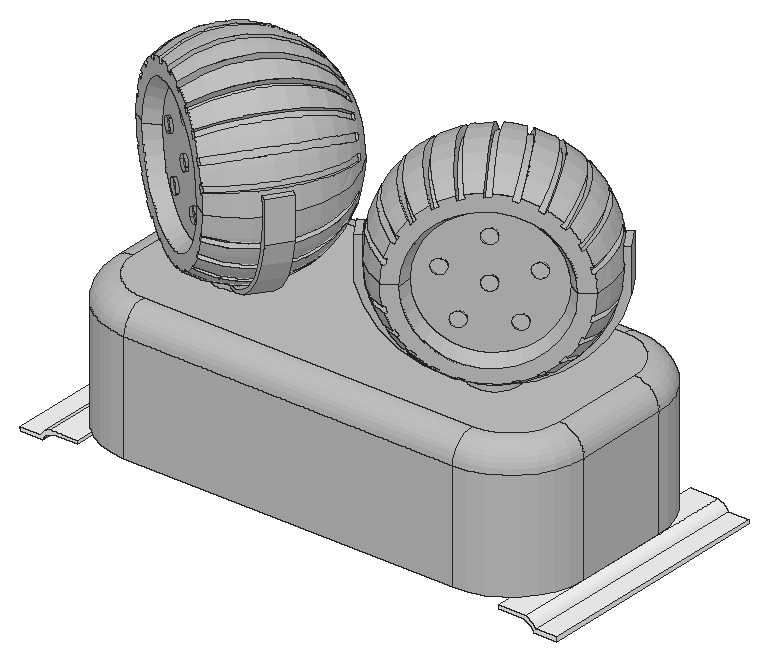
Revit family "DYNRDHL", category Lighting Fixtures, host Face, Revit 2019
Family settings
  Host = Face
  Round Connector Dimension = Use Diameter
  Part Type = Normal
  OmniClass Number = 23.85.80.11.27
  OmniClass Title = Lighting Controls
  Cut with Voids When Loaded = No
  Light Source = No
  Shared = Yes
  Room Calculation Point = No
Parameters
  Width = 9 25/32"
  Wattage Comments = "32 W"
  Warranty = "5 Years Limited"  # constant formula
  Type Comments = "Light Fixture"  # constant formula
  Product Page URL = ""
  Product Documentation Link = ""
  URL = "https://www.currentlighting.com/dual-Lite"
  Model = "DYNRDHL"
  Manufacturer = "Current Lighting"
  Lens Element = Glass
  Lamp = "LED"
  Features = "High lumen, high mounting height\r\n•  Up to 168’ multi-unit spacing\r\n•  90-minute full lumen output\r\n•  Self-test/self-diagnostics standard\r\n•  Wet and NEMA 4X application\r\n•  Food processing option\r\n•  Remote laser tester option\r\n•  Long-life lithium iron phosphate battery\r\n•  CEC T20 compliant\r\n•  Matching remote heads"  # constant formula
  Description = "NEMA 4X HIGH LUMEN INDUSTRIAL LED EMERGENCY LIGHT"  # constant formula
  Depth [instance] = 4"
  Default Elevation = 48"
  Create Date = ""
  Copyright = "© 2022 HLI Solutions, Inc"
  Contact Us = "https://www.currentlighting.com/contact-us"
  Housing Material = Finish - Gray
  Certifications = ""
  Assembly Code = ""
  Apparent Load = 32 VA
  Angle = 90.00°
Reference planes (in)
  plane 1 "Center (Front/Back)": y = 10.63342
  plane 2: z = 0
  plane 3 "Center (Left/Right)": x = 0
  plane 4: z = -4
  plane 5: z = 0.25
  plane 6: x = -4.89062
  plane 7: x = 4.89063
  plane 8: y = 16.43811
  plane 9: y = 4.82873
  plane 10: x = 2.44531
  plane 11: x = -2.44531
  plane 12: y = 7.32873
Forms (in)
  Extrusion 1, solid, material "Finish - Gray" <- "Housing Material"
    sketch origin (0, 0.75, 0) x (1, 0, 0) y (0, 1, 0)
      loop
        arc (-3.64062, 12.01873) -> (-4.52451, 11.65262) -> (-4.89062, 10.76873) r 1.25
        line (-4.89062, 10.76873) -> (-4.89062, 8.57873)
        arc (-4.89062, 8.57873) -> (-4.45129, 7.51807) -> (-3.39062, 7.07873) r 1.5
        line (-3.39062, 7.07873) -> (3.39063, 7.07873)
        arc (3.39063, 7.07873) -> (4.45129, 7.51807) -> (4.89063, 8.57873) r 1.5
        line (4.89063, 8.57873) -> (4.89063, 10.51873)
        arc (4.89063, 10.51873) -> (4.45129, 11.57939) -> (3.39063, 12.01873) r 1.5
        line (3.39063, 12.01873) -> (-3.64062, 12.01873)
    from 3 to 0.25
  Extrusion 2, solid, material "Paint - Matte White"
    sketch origin (0, 10.63342, 0) x (1, 0, 0) y (0, 0, 1)
      loop
        line (-4.33432, 0.25) -> (-4.89062, 0.25)
        spline (-4.89062, 0.25) -> (-4.917, 0.24216) -> (-4.94188, 0.23317) -> (-4.96527, 0.22304) -> (-4.98717, 0.21176) -> (-5.00757, 0.19933) -> (-5.02648, 0.18576) -> (-5.0439, 0.17104) -> (-5.05983, 0.15517) -> (-5.07426, 0.13816) -> (-5.0872, 0.12) -> (-5.09864, 0.1007) -> (-5.1086, 0.08025)
        line (-5.1086, 0.08025) -> (-5.52956, 0.08025) -> (-5.52956, 0) -> (-5.06245, 0)
        spline (-5.06245, 0) -> (-5.05275, 0.02132) -> (-5.04148, 0.04149) -> (-5.02865, 0.06053) -> (-5.01425, 0.07842) -> (-4.99828, 0.09518) -> (-4.98074, 0.11079) -> (-4.96164, 0.12527) -> (-4.94097, 0.1386) -> (-4.91873, 0.1508) -> (-4.89492, 0.16185) -> (-4.86955, 0.17177) -> (-4.84261, 0.18054)
        line (-4.84261, 0.18054) -> (-4.33432, 0.18054) -> (-4.33432, 0.25)
    from 2.80469 to -2.13531
  Extrusion 3, solid, material "Paint - Matte White"
    sketch origin (0, 10.63342, 0) x (-1, 0, 0) y (0, 0, -1)
      loop
        line (-4.33432, -0.25) -> (-4.33432, -0.18054) -> (-4.84261, -0.18054)
        spline (-4.84261, -0.18054) -> (-4.86955, -0.17177) -> (-4.89492, -0.16185) -> (-4.91873, -0.1508) -> (-4.94097, -0.1386) -> (-4.96164, -0.12527) -> (-4.98074, -0.11079) -> (-4.99828, -0.09518) -> (-5.01425, -0.07842) -> (-5.02865, -0.06053) -> (-5.04148, -0.04149) -> (-5.05275, -0.02132) -> (-5.06245, 0)
        line (-5.06245, 0) -> (-5.52956, 0) -> (-5.52956, -0.08025) -> (-5.1086, -0.08025)
        spline (-5.1086, -0.08025) -> (-5.09864, -0.1007) -> (-5.0872, -0.12) -> (-5.07426, -0.13816) -> (-5.05983, -0.15517) -> (-5.0439, -0.17104) -> (-5.02648, -0.18576) -> (-5.00757, -0.19933) -> (-4.98717, -0.21176) -> (-4.96527, -0.22304) -> (-4.94188, -0.23317) -> (-4.917, -0.24216) -> (-4.89062, -0.25)
        line (-4.89062, -0.25) -> (-4.33432, -0.25)
    from 2.80469 to -2.13531
  Sweep 4, void
    path in 3D
      loop
        arc (-3.64062, 12.76873, 3) -> (-4.52451, 12.40262, 3) -> (-4.89062, 11.51873, 3) r 1.25
        line (-4.89062, 11.51873, 3) -> (-4.89062, 9.32873, 3)
        arc (-4.89062, 9.32873, 3) -> (-4.45129, 8.26807, 3) -> (-3.39062, 7.82873, 3) r 1.5
        line (-3.39062, 7.82873, 3) -> (3.39063, 7.82873, 3)
        arc (3.39063, 7.82873, 3) -> (4.45129, 8.26807, 3) -> (4.89063, 9.32873, 3) r 1.5
        line (4.89063, 9.32873, 3) -> (4.89063, 11.26873, 3)
        arc (4.89063, 11.26873, 3) -> (4.45129, 12.32939, 3) -> (3.39063, 12.76873, 3) r 1.5
        line (3.39063, 12.76873, 3) -> (-3.64062, 12.76873, 3)
    profile origin (-0.125, 12.76873, 3) x (0, -1, 0) y (0, 0, 1)
      loop
        line (0, 0) -> (0, -0.5)
        arc (0, -0.5) -> (0.14645, -0.14645) -> (0.5, 0) r 0.5
        line (0.5, 0) -> (0, 0)
Cuts and joins
  Sweep 4 cuts Extrusion 1
Lines and regions (in)
  sketch lines
    curve 1: line (3.39063, 12.76873, 3) -> (-3.64062, 12.76873, 3)
    curve 2: arc (-4.89062, 11.51873, 3) -> (-4.52451, 12.40262, 3) -> (-3.64062, 12.76873, 3) r 1.25
    curve 3: arc (3.39063, 12.76873, 3) -> (4.45129, 12.32939, 3) -> (4.89063, 11.26873, 3) r 1.5
    curve 4: line (4.89063, 9.32873, 3) -> (4.89063, 11.26873, 3)
    curve 5: arc (4.89063, 9.32873, 3) -> (4.45129, 8.26807, 3) -> (3.39063, 7.82873, 3) r 1.5
    curve 6: line (-3.39062, 7.82873, 3) -> (3.39063, 7.82873, 3)
    curve 7: arc (-3.39062, 7.82873, 3) -> (-4.45129, 8.26807, 3) -> (-4.89062, 9.32873, 3) r 1.5
    curve 8: line (-4.89062, 11.51873, 3) -> (-4.89062, 9.32873, 3)
Dimensions and locks (in)
  "Depth": plane 2 to plane 4
  plane 5 to plane 4 = 4 1/4"
  equal spacing: plane 6, plane 11, plane 3 "Center (Left/Right)"
  equal spacing: plane 3 "Center (Left/Right)", plane 10, plane 7
  equal spacing: plane 6, plane 3 "Center (Left/Right)", plane 7
  "Width": plane 6 to plane 7
  aligned and locked: plane 2 to host face
  aligned and locked: level to host face
Automatic sketch dimensions
  host sketch curve to host sketch curve = 96"  (x2)
  Extrusion 1 sketch curve to plane 6 = 0"
  Extrusion 1 sketch curve to plane 7 = 0"
  Extrusion 1 sketch curve to plane 1 "Center (Front/Back)" = 0.88531"
  Extrusion 1 sketch curve to plane 11 = 1 25/128"
  Extrusion 1 sketch curve to plane 11 = 121/128"
  plane 10 to Extrusion 1 sketch curve = 121/128"  (x2)
  plane 1 "Center (Front/Back)" to Extrusion 1 sketch curve = 1 39/128"
  Extrusion 2 sketch curve to level = 0"
  Extrusion 2 sketch curve to plane 5 = 0"
  Extrusion 2 sketch curve to plane 6 = 0"
  Extrusion 2 sketch curve to plane 6 = 0.17182"
  Extrusion 2 sketch curve to Extrusion 2 sketch curve = 0.04615"
  Extrusion 2 sketch curve to Extrusion 2 sketch curve = 0.42097"
  plane 6 to Extrusion 2 sketch curve = 0.04802"
  plane 5 to Extrusion 2 sketch curve = 0.06946"
  Extrusion 2 sketch curve to Extrusion 2 sketch curve = 0.50829"
  Extrusion 2 sketch curve to Extrusion 2 sketch curve = 0.08025"
  Extrusion 3 sketch curve to level = 0"
  Extrusion 3 sketch curve to plane 5 = 0"
  Extrusion 3 sketch curve to plane 7 = 0"
  Extrusion 3 sketch curve to plane 7 = 0.17182"
  Extrusion 3 sketch curve to Extrusion 3 sketch curve = 0.04615"
  Extrusion 3 sketch curve to Extrusion 3 sketch curve = 0.42097"
  plane 7 to Extrusion 3 sketch curve = 0.04802"
  Extrusion 3 sketch curve to plane 5 = 0.06946"
  Extrusion 3 sketch curve to Extrusion 3 sketch curve = 0.50829"
  Extrusion 3 sketch curve to Extrusion 3 sketch curve = 0.08025"
  Sweep 4 sketch curve to profile plane = 0"  (x2)
  Sweep 4 sketch curve to Sweep 4 sketch curve = 1/2"
Nested families (in)
  nested 1: "Head" at (-2.6424, 9.84632, 3) x (0.8323, -0.5543, 0) z (0, 0, 1), type "Head"
  nested 2: "Head" at (2.6424, 9.84632, 3) x (-0.8323, -0.5543, 0) z (0, 0, 1), type "Head"
Connectors (in)
  electrical at (0, 10.63342, -4)
    settings: on host face, index 1, voltage 0 V, apparent load 0 VA, apparent load phase1 0 VA, apparent load phase2 0 VA, apparent load phase3 0 VA, power factor 1, load classification "Other", number of poles 1, system type 30, power factor state 1, is connector primary yes, connector utility no, sub classification motor no, connector description "Light Fixture"
Definition of nested family "Head"
  Parameters (values of type "Head")
    Wattage = 8 W
    built-in parameter 1150110 = 1 (stored number, unit not read)
    built-in parameter 1114217 = 1 (stored number, unit not read)
    Tilt Angle = 0.00°
    built-in parameter 1150109 = 1 (stored number, unit not read)
    built-in parameter 1150134 = 3
    built-in parameter 1150113 = 1 (stored number, unit not read)
    Product Material = none
    Photometric Web File = "DYNHL_IES_22.01250.IES"
    built-in parameter 1150105 = 88.013 (stored number, unit not read)
    Lumens = 1106 lm
    built-in parameter 1150115 = 1 (stored number, unit not read)
    built-in parameter 1150137 = (empty or 0)
    built-in parameter 1150139 = (empty or 0)
    built-in parameter 1150112 = 1 (stored number, unit not read)
    built-in parameter 1150114 = 1 (stored number, unit not read)
    built-in parameter 1150132 = (empty or 0)
    built-in parameter 1150102 = (empty or 0)
    built-in parameter 1150107 = 3200 (stored number, unit not read)
    built-in parameter 1150138 = (empty or 0)
    built-in parameter 1150106 = 0.88013 (stored number, unit not read)
    Glass = none
    built-in parameter 1150104 = 12.844 (stored number, unit not read)
    Dimming Lamp Color Temperature Shift = (empty or 0)
    Default Elevation = 48"
    Color Filter = 16777215
    built-in parameter 1114218 = 1 (stored number, unit not read)
    built-in parameter 1150133 = 10 (stored number, unit not read)
  Reference planes (in)
    plane 1 "Center (Front/Back)": y = 0
    plane 2: z = 0
    plane 3 "Center (Left/Right)": x = 0
    plane 4: x = -2.25
    plane 5: x = 2.25
    plane 6: z = 2.23875
  Forms (in)
    Extrusion 1, solid
      sketch origin (0, 0, 0) x (1, 0, 0) y (0, 1, 0)
        loop
          line (-48, 48) -> (-48, -48) -> (48, -48) -> (48, 48) -> (-48, 48)
      from 0 to -12
    Extrusion 2, solid, material <- "Product Material"
      sketch origin (0, 0, -0.03125) x (1, 0, 0) y (0, 0, 1)
        loop
          line (-2.10547, 2.69151) -> (-2.23875, 2.69151) -> (-2.23875, 1.8325)
          arc (-2.23875, 1.8325) -> (0.00586, 0.03124) -> (2.25047, 1.8325) r 2.29917
          line (2.25047, 1.8325) -> (2.25047, 2.69151) -> (2.11719, 2.69151) -> (2.11719, 2.20695)
          arc (2.11719, 2.20695) -> (0.00586, 0.09562) -> (-2.10547, 2.20695) r 2.11133
          line (-2.10547, 2.20695) -> (-2.10547, 2.69151)
      from -0.23423 to 0.27977
    Extrusion 3, solid, material <- "Product Material"
      sketch origin (0, 0, 0) x (1, 0, 0) y (0, 1, 0)
        loop
          circle (0, 0) r 0.5
      from 0 to 0.1072
    Sweep 4, void
      path origin (0, 0, 0.03125) x (0, 1, 0) y (0, 0, 1)
        loop
          arc (-1.16568, 3.91149) -> (0.36456, 4.27499) -> (1.70365, 3.44997) r 2.055
      profile origin (0, 0.36456, 4.30624) x (0, 0.158803, 0.98731) y (1, 0, 0)
        loop
          line (0.1194, 0.07003) -> (-0.08231, 0.07003) -> (-0.08231, -0.07045) -> (0.1194, -0.07045) -> (0.1194, 0.07003)
    Revolve 5, solid, material <- "Product Material"
      sketch origin (-10.73083, -180, 2.27) x (-1, 0, 0) y (0, -1, 0)
        loop
          arc (-10.73083, -181.99505) -> (-8.84397, -180.97502) -> (-8.96558, -178.83355) r 2
          line (-8.96558, -178.83355) -> (-10.73083, -178.83355) -> (-10.73083, -181.99505)
        axis (-10.73083, -181.99505) -> (-10.73083, -178.83355)
      angle from 0 to 360
    Sweep 6, void
      path origin (0.57134, 0, 0.10647) x (0, 1, 0) y (-0.258819, 0, 0.965926)
        loop
          arc (-1.16568, 3.91149) -> (0.36456, 4.27499) -> (1.70365, 3.44997) r 2.055
      profile origin (-0.5351, 0.36456, 4.23579) x (-0.255535, 0.158803, 0.953668) y (0.965926, 0, 0.258819)
        loop
          line (0.1194, 0.07003) -> (-0.08231, 0.07003) -> (-0.08231, -0.07045) -> (0.1194, -0.07045) -> (0.1194, 0.07003)
    Sweep 7, void
      path origin (-0.57134, 0, 0.10647) x (0, 1, 0) y (-0.258819, 0, -0.965926)
        loop
          arc (-1.16568, -3.91149) -> (0.36456, -4.27499) -> (1.70365, -3.44997) r 2.055
      profile origin (0.5351, 0.36456, 4.23579) x (-0.255535, -0.158803, -0.953668) y (-0.965926, 0, 0.258819)
        loop
          line (-0.1194, 0.07003) -> (-0.1194, -0.07045) -> (0.08231, -0.07045) -> (0.08231, 0.07003) -> (-0.1194, 0.07003)
    Sweep 8, void
      path origin (-1.10375, 0, 0.327) x (0, 1, 0) y (-0.5, 0, -0.866025)
        loop
          arc (-1.16568, -3.91149) -> (0.36456, -4.27499) -> (1.70365, -3.44997) r 2.055
      profile origin (1.03374, 0.36456, 4.02924) x (-0.493655, -0.158803, -0.855036) y (-0.866025, 0, 0.5)
        loop
          line (-0.1194, 0.07003) -> (-0.1194, -0.07045) -> (0.08231, -0.07045) -> (0.08231, 0.07003) -> (-0.1194, 0.07003)
    Sweep 9, void
      path origin (1.10375, 0, 0.327) x (0, 1, 0) y (-0.5, 0, 0.866025)
        loop
          arc (-1.16568, 3.91149) -> (0.36456, 4.27499) -> (1.70365, 3.44997) r 2.055
      profile origin (-1.03374, 0.36456, 4.02924) x (-0.493655, 0.158803, 0.855036) y (0.866025, 0, 0.5)
        loop
          line (0.1194, 0.07003) -> (-0.08231, 0.07003) -> (-0.08231, -0.07045) -> (0.1194, -0.07045) -> (0.1194, 0.07003)
    Sweep 10, void
      path origin (1.56094, 0, 0.67781) x (0, 1, 0) y (-0.707107, 0, 0.707107)
        loop
          arc (-1.16568, 3.91149) -> (0.36456, 4.27499) -> (1.70365, 3.44997) r 2.055
      profile origin (-1.46193, 0.36456, 3.70068) x (-0.698134, 0.158803, 0.698134) y (0.707107, 0, 0.707107)
        loop
          line (0.1194, 0.07003) -> (-0.08231, 0.07003) -> (-0.08231, -0.07045) -> (0.1194, -0.07045) -> (0.1194, 0.07003)
    Sweep 11, void
      path origin (-1.56094, 0, 0.67781) x (0, 1, 0) y (-0.707107, 0, -0.707107)
        loop
          arc (-1.16568, -3.91149) -> (0.36456, -4.27499) -> (1.70365, -3.44997) r 2.055
      profile origin (1.46193, 0.36456, 3.70068) x (-0.698134, -0.158803, -0.698134) y (-0.707107, 0, 0.707107)
        loop
          line (-0.1194, 0.07003) -> (-0.1194, -0.07045) -> (0.08231, -0.07045) -> (0.08231, 0.07003) -> (-0.1194, 0.07003)
    Sweep 12, void
      path origin (-1.91175, 0, 1.135) x (0, 1, 0) y (-0.866025, 0, -0.5)
        loop
          arc (-1.16568, -3.91149) -> (0.36456, -4.27499) -> (1.70365, -3.44997) r 2.055
      profile origin (1.79049, 0.36456, 3.27249) x (-0.855036, -0.158803, -0.493655) y (-0.5, 0, 0.866025)
        loop
          line (-0.1194, 0.07003) -> (-0.1194, -0.07045) -> (0.08231, -0.07045) -> (0.08231, 0.07003) -> (-0.1194, 0.07003)
    Sweep 13, void
      path origin (1.91175, 0, 1.135) x (0, 1, 0) y (-0.866025, 0, 0.5)
        loop
          arc (-1.16568, 3.91149) -> (0.36456, 4.27499) -> (1.70365, 3.44997) r 2.055
      profile origin (-1.79049, 0.36456, 3.27249) x (-0.855036, 0.158803, 0.493655) y (0.5, 0, 0.866025)
        loop
          line (0.1194, 0.07003) -> (-0.08231, 0.07003) -> (-0.08231, -0.07045) -> (0.1194, -0.07045) -> (0.1194, 0.07003)
    Sweep 14, void
      path origin (2.13228, 0, 1.66741) x (0, 1, 0) y (-0.965926, 0, 0.258819)
        loop
          arc (-1.16568, 3.91149) -> (0.36456, 4.27499) -> (1.70365, 3.44997) r 2.055
      profile origin (-1.99704, 0.36456, 2.77385) x (-0.953668, 0.158803, 0.255535) y (0.258819, 0, 0.965926)
        loop
          line (0.1194, 0.07003) -> (-0.08231, 0.07003) -> (-0.08231, -0.07045) -> (0.1194, -0.07045) -> (0.1194, 0.07003)
    Sweep 15, void
      path origin (-2.13228, 0, 1.66741) x (0, 1, 0) y (-0.965926, 0, -0.258819)
        loop
          arc (-1.16568, -3.91149) -> (0.36456, -4.27499) -> (1.70365, -3.44997) r 2.055
      profile origin (1.99704, 0.36456, 2.77385) x (-0.953668, -0.158803, -0.255535) y (-0.258819, 0, 0.965926)
        loop
          line (-0.1194, 0.07003) -> (-0.1194, -0.07045) -> (0.08231, -0.07045) -> (0.08231, 0.07003) -> (-0.1194, 0.07003)
    Sweep 16, void
      path origin (0, 0, 4.44625) x (0, 1, 0) y (0, 0, -1)
        loop
          arc (-1.16568, 3.91149) -> (0.36456, 4.27499) -> (1.70365, 3.44997) r 2.055
      profile origin (0, 0.36456, 0.17126) x (0, -0.158803, 0.98731) y (1, 0, 0)
        loop
          line (-0.1194, 0.07003) -> (-0.1194, -0.07045) -> (0.08231, -0.07045) -> (0.08231, 0.07003) -> (-0.1194, 0.07003)
    Sweep 17, void
      path origin (0.57134, 0, 4.37103) x (0, 1, 0) y (0.258819, 0, 0.965926)
        loop
          arc (-1.16568, -3.91149) -> (0.36456, -4.27499) -> (1.70365, -3.44997) r 2.055
      profile origin (-0.5351, 0.36456, 0.24171) x (0.255535, -0.158803, 0.953668) y (0.965926, 0, -0.258819)
        loop
          line (-0.1194, 0.07003) -> (-0.1194, -0.07045) -> (0.08231, -0.07045) -> (0.08231, 0.07003) -> (-0.1194, 0.07003)
    Sweep 18, void
      path origin (-0.57134, 0, 4.37103) x (0, 1, 0) y (0.258819, 0, -0.965926)
        loop
          arc (-1.16568, 3.91149) -> (0.36456, 4.27499) -> (1.70365, 3.44997) r 2.055
      profile origin (0.5351, 0.36456, 0.24171) x (0.255535, 0.158803, -0.953668) y (-0.965926, 0, -0.258819)
        loop
          line (0.1194, 0.07003) -> (-0.08231, 0.07003) -> (-0.08231, -0.07045) -> (0.1194, -0.07045) -> (0.1194, 0.07003)
    Sweep 19, void
      path origin (-1.10375, 0, 4.1505) x (0, 1, 0) y (0.5, 0, -0.866025)
        loop
          arc (-1.16568, 3.91149) -> (0.36456, 4.27499) -> (1.70365, 3.44997) r 2.055
      profile origin (1.03374, 0.36456, 0.44826) x (0.493655, 0.158803, -0.855036) y (-0.866025, 0, -0.5)
        loop
          line (0.1194, 0.07003) -> (-0.08231, 0.07003) -> (-0.08231, -0.07045) -> (0.1194, -0.07045) -> (0.1194, 0.07003)
    Sweep 20, void
      path origin (1.10375, 0, 4.1505) x (0, 1, 0) y (0.5, 0, 0.866025)
        loop
          arc (-1.16568, -3.91149) -> (0.36456, -4.27499) -> (1.70365, -3.44997) r 2.055
      profile origin (-1.03374, 0.36456, 0.44826) x (0.493655, -0.158803, 0.855036) y (0.866025, 0, -0.5)
        loop
          line (-0.1194, 0.07003) -> (-0.1194, -0.07045) -> (0.08231, -0.07045) -> (0.08231, 0.07003) -> (-0.1194, 0.07003)
    Sweep 21, void
      path origin (1.56094, 0, 3.79969) x (0, 1, 0) y (0.707107, 0, 0.707107)
        loop
          arc (-1.16568, -3.91149) -> (0.36456, -4.27499) -> (1.70365, -3.44997) r 2.055
      profile origin (-1.46193, 0.36456, 0.77682) x (0.698134, -0.158803, 0.698134) y (0.707107, 0, -0.707107)
        loop
          line (-0.1194, 0.07003) -> (-0.1194, -0.07045) -> (0.08231, -0.07045) -> (0.08231, 0.07003) -> (-0.1194, 0.07003)
    Sweep 22, void
      path origin (-1.56094, 0, 3.79969) x (0, 1, 0) y (0.707107, 0, -0.707107)
        loop
          arc (-1.16568, 3.91149) -> (0.36456, 4.27499) -> (1.70365, 3.44997) r 2.055
      profile origin (1.46193, 0.36456, 0.77682) x (0.698134, 0.158803, -0.698134) y (-0.707107, 0, -0.707107)
        loop
          line (0.1194, 0.07003) -> (-0.08231, 0.07003) -> (-0.08231, -0.07045) -> (0.1194, -0.07045) -> (0.1194, 0.07003)
    Sweep 23, void
      path origin (-1.91175, 0, 3.3425) x (0, 1, 0) y (0.866025, 0, -0.5)
        loop
          arc (-1.16568, 3.91149) -> (0.36456, 4.27499) -> (1.70365, 3.44997) r 2.055
      profile origin (1.79049, 0.36456, 1.20501) x (0.855036, 0.158803, -0.493655) y (-0.5, 0, -0.866025)
        loop
          line (0.1194, 0.07003) -> (-0.08231, 0.07003) -> (-0.08231, -0.07045) -> (0.1194, -0.07045) -> (0.1194, 0.07003)
    Sweep 24, void
      path origin (1.91175, 0, 3.3425) x (0, 1, 0) y (0.866025, 0, 0.5)
        loop
          arc (-1.16568, -3.91149) -> (0.36456, -4.27499) -> (1.70365, -3.44997) r 2.055
      profile origin (-1.79049, 0.36456, 1.20501) x (0.855036, -0.158803, 0.493655) y (0.5, 0, -0.866025)
        loop
          line (-0.1194, 0.07003) -> (-0.1194, -0.07045) -> (0.08231, -0.07045) -> (0.08231, 0.07003) -> (-0.1194, 0.07003)
    Sweep 25, void
      path origin (2.13228, 0, 2.81009) x (0, 1, 0) y (0.965926, 0, 0.258819)
        loop
          arc (-1.16568, -3.91149) -> (0.36456, -4.27499) -> (1.70365, -3.44997) r 2.055
      profile origin (-1.99704, 0.36456, 1.70365) x (0.953668, -0.158803, 0.255535) y (0.258819, 0, -0.965926)
        loop
          line (-0.1194, 0.07003) -> (-0.1194, -0.07045) -> (0.08231, -0.07045) -> (0.08231, 0.07003) -> (-0.1194, 0.07003)
    Sweep 26, void
      path origin (-2.13228, 0, 2.81009) x (0, 1, 0) y (0.965926, 0, -0.258819)
        loop
          arc (-1.16568, 3.91149) -> (0.36456, 4.27499) -> (1.70365, 3.44997) r 2.055
      profile origin (1.99704, 0.36456, 1.70365) x (0.953668, 0.158803, -0.255535) y (-0.258819, 0, -0.965926)
        loop
          line (0.1194, 0.07003) -> (-0.08231, 0.07003) -> (-0.08231, -0.07045) -> (0.1194, -0.07045) -> (0.1194, 0.07003)
    Blend 27, void
      base sketch origin (0, 0, 0) x (1, 0, 0) y (0, 0, 1)
        loop
          circle (0, 2.23875) r 1.45
      top sketch origin (0, 0, 0) x (1, 0, 0) y (0, 0, 1)
        loop
          circle (0, 2.23875) r 1.3
      from 1.16645 to 0.88158
    Extrusion 28, solid, material <- "Glass"
      sketch origin (0, 0, 0) x (1, 0, 0) y (0, 0, 1)
        loop
          circle (0, 2.23875) r 0.15
        loop
          circle (0, 3.10055) r 0.15
        loop
          circle (0.81962, 2.50506) r 0.15
        loop
          circle (0.50655, 1.54154) r 0.15
        loop
          circle (-0.50655, 1.54154) r 0.15
        loop
          circle (-0.81962, 2.50506) r 0.15
      from 0.88158 to 0.93975
  Cuts and joins
    Sweep 4, Sweep 6, Sweep 7, Sweep 8, Sweep 9, Sweep 10, Sweep 11, Sweep 12, Sweep 13, Sweep 14, Sweep 15, Sweep 16, Sweep 17, Sweep 18, Sweep 19, Sweep 20, Sweep 21, Sweep 22, Sweep 23, Sweep 24, Sweep 25, Sweep 26, Blend 27 cuts Revolve 5
  Lines and regions (in)
    reference lines
      curve 1: line (0, 0, 0) -> (0, -3.6749, 0)
  Dimensions and locks (in)
    aligned and locked: plane 2 to Extrusion 1
    aligned and locked: level to Extrusion 1
